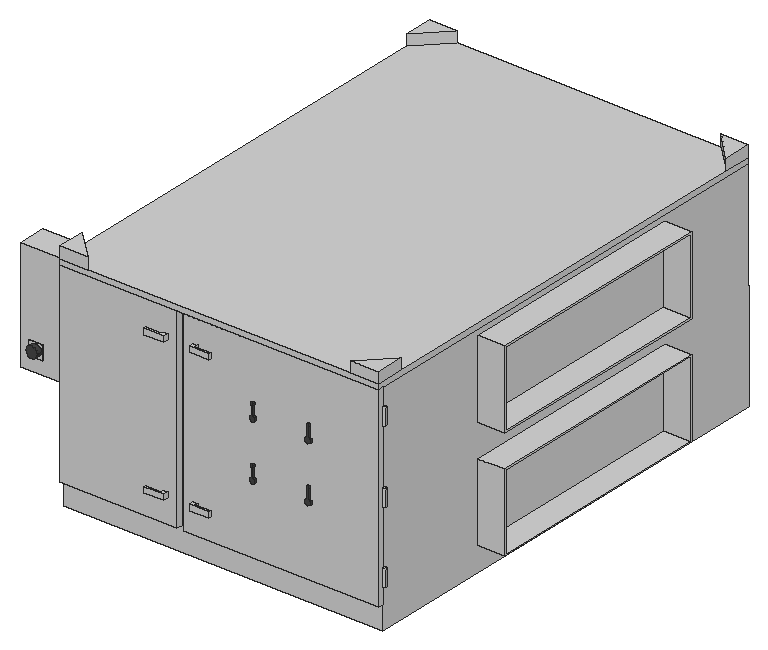
Revit family "HE4XINH_BYPASS_FEB23", category Mechanical Equipment, Revit 2019
Family settings
  Round Connector Dimension = Use Diameter
  Part Type = Normal
  OmniClass Number = 23.75.00.00
  OmniClass Title = Climate Control (HVAC)
  Work Plane-Based = No
  Always vertical = Yes
  Cut with Voids When Loaded = No
  Shared = No
  Room Calculation Point = No
Parameters (values of type "2.0 HP 120V Single Phase")
  Voltage = "120"
  Ventilation Type = "Static Plate, Heat and Humidity Transfer"
  Unit Width = "82-3/4\""
  Unit Weight = "809-1092 lbs."
  Unit Length = "72-3/4\""
  Unit Height = "44\""
  Unit = Metal - RenewAire - Anodized - Gray Text
  URL = "www.renewaire.com"
  Typical Airflow Range = "1,000 - 4,400 CFM"
  Standard Features = "TEFC Premium efficiency motors, Motor starters, Non-Fused Disconnect, 24VAC Transformer/Relay Package"
  Shipping Weight = "1,228 lbs."
  Service Area Visibility = no
  Service Area Box = Interference - RenewAire - Smooth - Light - Gold
  Revit Object Download Link = ""
  Phase = "Single"
  Options = "Integrated programmable controls, Fused disconnect, Double wall construction, Factory supplied and mounted variable frequency drives (VFDs) – one or both airstreams, Class 1 low leakage motorized isolation dampers – OA, RA or both airstreams, Qty. 2 Factory mounted filter alarms, Exterior Paint - white, custom colors, Bypass economizer (see bypass DIM drawing) – dry bulb temperature controls (standard), enthalpy controls (option)"
  Number Motors = "Qty. 2, Belt drive blower/standard motor packages with adjustable sheaves"
  Model = "HE 4XINH"
  Minimum Circuit Amps = "45.0 A"
  Maximum Overcurrent Protection = "60 A"
  Max. Shipping Width = "90\""
  Max. Shipping Length = "80\""
  Max. Shipping Height = "50\""
  Manufacturer = "RenewAire LLC"
  Frequency = "60 HZ"
  FLA per Motor = "20.0"
  Description = "Energy Recovery Ventilator"
  Connector Base Material = Glass - With - Transparency
  Accessories = "Filters - MERV 13, 2\" (shipped loose), Digital time clock - wall mount(TC7D-W), in exterior enclosure (TC7D-E), Motion occupancy control - ceiling mount(MC-C), wall mount(MC-W), Carbon dioxide control - wall mount (CO2-W), duct mount(CO2-D), Electric duct heater – EK series (1-60 kW), EH series (61-175kW), Indirect gas-fired duct furnace - GH Series (50-400 MBH), installed downstream of any fans"
  AHRI 1060 Certified Core = "Four L125-G5"
Types (13): name | Voltage | Phase | Minimum Circuit Amps | Maximum Overcurrent Protection | FLA per Motor
  (no name) | "120" | "Single" | "45.0 A" | "60 A" | "20.0"
  2.0 HP 120V Single Phase | "120" | "Single" | "45.0 A" | "60 A" | "20.0"
  2.0 HP 208-230V Single Phase | "208-230V" | "Single" | "24.3 A" | "35 A" | "10.8-10.0"
  2.0 HP 208-230V Three Phase | "208-230V" | "Three" | "14.9 A" | "20 A" | "6.6-5.8"
  2.0 HP 460V Three Phase | "460V" | "Three" | "6.5 A" | "15 A" | "2.9"
  2.0 HP 575V Three Phase | "575V" | "Three" | "5.4 A" | "15 A" | "2.4"
  3.0 HP 208-230V Single Phase | "208-230V" | "Single" | "33.1 A" | "40 A" | "14.7-14.0"
  3.0 HP 208-230V Three Phase | "208-230V" | "Three" | "21.1 A" | "25 A" | "9.4-8.5"
  3.0 HP 460V Three Phase | "460V" | "Three" | "9.5 A" | "15 A" | "4.2"
  3.0 HP 575V Three Phase | "575V" | "Three" | "7.4 A" | "15 A" | "3.3"
  5.0 HP 208-230V Three Phase | "208-230V" | "Three" | "32.6 A" | "45 A" | "14.5-13.4"
  5.0 HP 460V Three Phase | "460V" | "Three" | "15.1 A" | "20 A" | "6.7"
  5.0 HP 575V Three Phase | "575V" | "Three" | "11.9 A" | "15 A" | "5.3"
Reference planes (in)
  plane 1 "Center (Front/Back)": y = 0
  plane 2: z = 0
  plane 3 "Center (Left/Right)": x = 0
Forms (in)
  Extrusion 1, solid, material "Metal - RenewAire - Anodized - Gray Text" <- "Unit"
    sketch origin (0, 0, 0) x (1, 0, 0) y (0, 0, 1)
      loop
        line (-28.6875, 0) -> (28.6875, 0) -> (28.6875, 39.25) -> (-28.6875, 39.25) -> (-28.6875, 0)
    from 40.5625 to -41.5625
  Extrusion 2, solid, material "Metal - RenewAire - Anodized - Gray Text"
    sketch origin (0, 0, 0) x (1, 0, 0) y (0, 0, 1)
      loop
        line (-28.6875, 39.25) -> (28.6875, 39.25) -> (28.6875, 40.25) -> (-28.6875, 40.25) -> (-28.6875, 39.25)
    from 41.5625 to -41.5625
  Extrusion 3, solid, material "Metal - RenewAire - Anodized - Gray Text"
    sketch origin (0, 0, 0) x (1, 0, 0) y (0, 0, 1)
      loop
        line (-6.4375, 39.25) -> (-6.4375, 4.25) -> (28.6875, 4.25) -> (28.6875, 39.25) -> (-6.4375, 39.25)
      loop
        line (-28.6875, 39.25) -> (-28.6875, 4.25) -> (-7.5625, 4.25) -> (-7.5625, 39.25) -> (-28.6875, 39.25)
    from 41.5625 to 40.5625
  Extrusion 4, solid, material "Metal - RenewAire - Anodized - Gray Text"
    sketch origin (0, -10.4375, 0) x (1, 0, 0) y (0, 1, 0)
      loop
        circle (-28.9375, -30.125) r 0.25
      loop
        circle (28.9375, -30.125) r 0.25
    from 10.25 to 7.25
  Extrusion 5, solid, material "Metal - RenewAire - Anodized - Gray Text"
    sketch origin (0, -10.4375, 0) x (1, 0, 0) y (0, 1, 0)
      loop
        circle (-28.9375, -30.125) r 0.25
      loop
        circle (28.9375, -30.125) r 0.25
    from 36.25 to 33.25
  Extrusion 6, solid, material "Metal - RenewAire - Anodized - Gray Text"
    sketch origin (0, -10.4375, 0) x (1, 0, 0) y (0, 1, 0)
      loop
        circle (-28.9375, -30.125) r 0.25
      loop
        circle (28.9375, -30.125) r 0.25
    from 23.125 to 20.125
  Extrusion 7, solid, material "Metal - RenewAire - Anodized - Gray Text"
    sketch origin (0, -10.4375, 0) x (1, 0, 0) y (0, 1, 0)
      loop
        line (-4.6875, -31.125) -> (-4.6875, -32) -> (-1.1875, -32) -> (-1.1875, -31.625) -> (-3.9375, -31.625) -> (-3.9375, -31.125) -> (-4.6875, -31.125)
      loop
        line (-9.3125, -31.125) -> (-10.0625, -31.125) -> (-10.0625, -31.625) -> (-12.8125, -31.625) -> (-12.8125, -32) -> (-9.3125, -32) -> (-9.3125, -31.125)
    from 9.5 to 8.5
  Extrusion 8, solid, material "Metal - RenewAire - Anodized - Gray Text"
    sketch origin (0, -10.4375, 0) x (1, 0, 0) y (0, 1, 0)
      loop
        line (-4.6875, -31.125) -> (-4.6875, -32) -> (-1.1875, -32) -> (-1.1875, -31.625) -> (-3.9375, -31.625) -> (-3.9375, -31.125) -> (-4.6875, -31.125)
      loop
        line (-9.3125, -31.125) -> (-10.0625, -31.125) -> (-10.0625, -31.625) -> (-12.8125, -31.625) -> (-12.8125, -32) -> (-9.3125, -32) -> (-9.3125, -31.125)
    from 35 to 34
  Extrusion 9, solid, material "Metal - RenewAire - Anodized - Gray Text"
    sketch origin (0, 0, 0) x (1, 0, 0) y (0, 0, 1)
      loop
        line (-28.6875, 37.5) -> (-39, 37.5) -> (-39, 17.5) -> (-28.6875, 17.5) -> (-28.6875, 37.5)
    from 37.5625 to 32.5625
  Extrusion 10, solid, material "Metal - RenewAire - Anodized - Gray Text"
    sketch origin (0, 0, 0) x (1, 0, 0) y (0, 0, 1)
      loop
        line (-37.375, 22.5) -> (-37.375, 20) -> (-34.875, 20) -> (-34.875, 22.5) -> (-37.375, 22.5)
    from 37.6875 to 37.5625
  Extrusion 11, solid, material "MonitorPorts"
    sketch origin (0, 0, 0) x (1, 0, 0) y (0, 0, 1)
      loop
        circle (-36.125, 21.25) r 1
    from 38.5625 to 37.5625
  Extrusion 12, solid, material "Metal - RenewAire - Anodized - Gray Text" <- "Unit"
    sketch origin (0, 0, 0) x (0, 1, 0) y (0, 0, 1)
      loop
        line (22.5625, 18.5) -> (-19.4375, 18.5) -> (-19.4375, 4.5) -> (22.5625, 4.5) -> (22.5625, 18.5)
      loop
        line (22.4375, 18.375) -> (-19.3125, 18.375) -> (-19.3125, 4.625) -> (22.4375, 4.625) -> (22.4375, 18.375)
    from 33.6875 to 28.6875
  Extrusion 13, solid, material "Metal - RenewAire - Anodized - Gray Text"
    sketch origin (0, 0, 0) x (0, 1, 0) y (0, 0, 1)
      loop
        line (22.5625, 38.375) -> (-19.4375, 38.375) -> (-19.4375, 24.375) -> (22.5625, 24.375) -> (22.5625, 38.375)
      loop
        line (22.3125, 38.125) -> (-19.1875, 38.125) -> (-19.1875, 24.625) -> (22.3125, 24.625) -> (22.3125, 38.125)
    from 33.6875 to 28.6875
  Extrusion 14, solid, material "Metal - RenewAire - Anodized - Gray Text"
    sketch origin (0, 3, 0) x (0, 1, 0) y (0, 0, 1)
      loop
        line (-29.8125, 3.75) -> (4.1875, 3.75) -> (4.1875, 15.75) -> (-29.8125, 15.75) -> (-29.8125, 3.75)
      loop
        line (4.0625, 15.625) -> (-29.6875, 15.625) -> (-29.6875, 3.875) -> (4.0625, 3.875) -> (4.0625, 15.625)
    from -28.6875 to -32.9375
  Extrusion 15, solid, material "Metal - RenewAire - Anodized - Gray Text"
    sketch origin (0, 3, 0) x (0, 1, 0) y (0, 0, 1)
      loop
        line (4.1875, 32.625) -> (-29.8125, 32.625) -> (-29.8125, 20.625) -> (4.1875, 20.625) -> (4.1875, 32.625)
      loop
        line (4.0625, 32.5) -> (-29.6875, 32.5) -> (-29.6875, 20.75) -> (4.0625, 20.75) -> (4.0625, 32.5)
    from -28.6875 to -32.9375
  Extrusion 16, solid, material "Interference - RenewAire - Smooth - Light - Gold" <- "Service Area Box", visible <- "Service Area Visibility"
    sketch origin (0, 0, 0) x (1, 0, 0) y (0, 0, 1)
      loop
        line (28.6875, 40.25) -> (-39, 40.25) -> (-39, 0) -> (28.6875, 0) -> (28.6875, 40.25)
    from 80.4375 to 41.5625
  Extrusion 17, solid, material "Metal - RenewAire - Anodized - Gray Text" <- "Unit"
    sketch origin (0, 0, 0) x (1, 0, 0) y (0, 1, 0)
      loop
        line (-28.6875, 41.5625) -> (-28.6875, 36.5625) -> (-23.6875, 41.5625) -> (-28.6875, 41.5625)
      loop
        line (-28.6875, -41.5625) -> (-23.6875, -41.5625) -> (-28.6875, -36.5625) -> (-28.6875, -41.5625)
      loop
        line (28.6875, -41.5625) -> (28.6875, -36.5625) -> (23.6875, -41.5625) -> (28.6875, -41.5625)
      loop
        line (28.6875, 41.5625) -> (23.6875, 41.5625) -> (28.6875, 36.5625) -> (28.6875, 41.5625)
    from 42.25 to 40.25
  Extrusion 18, void
    sketch origin (0, 0, 0) x (1, 0, 0) y (0, 1, 0)
      loop
        line (-28.1875, 41.0625) -> (-28.1875, -40.0625) -> (28.1875, -40.0625) -> (28.1875, 41.0625) -> (-28.1875, 41.0625)
    from 4.625 to -1.34492
Cuts and joins
  Extrusion 18 cuts Extrusion 1
  Extrusion 18 cuts Extrusion 9
  Extrusion 18 cuts Extrusion 15
Dimensions and locks (in)
  Extrusion 2 to Extrusion 3 sketch curve to Extrusion 3 sketch curve = 1' - 9 1/8", 3' - 0 1/4"
  aligned and locked: level to plane 2
Nested families (in)
  nested 1: "Monitoring Port" at (16.125, -41.5625, 19.472) x (-1, 0, 0) z (0, 0, -1), type "Monitoring Port"
  nested 2: "Monitoring Port" at (6.125, -41.5625, 19.472) x (-1, 0, 0) z (0, 0, -1), type "Monitoring Port"
  nested 3: "Monitoring Port" at (16.125, -41.5625, 29.472) x (-1, 0, 0) z (0, 0, -1), type "Monitoring Port"
  nested 4: "Monitoring Port" at (6.125, -41.5625, 29.472) x (-1, 0, 0) z (0, 0, -1), type "Monitoring Port"
Connectors (in)
  hvac at (28.6875, 1.5625, 31.375)
    settings: on Extrusion 13, index 1, duct flow 0 CFM, flow factor 0, pres drop 0.00 in-wg, loss coef 0, conn angle 0.00°, conn width 42", conn height 14", conn diameter 24", duct sys type 4, conn prof type 1, flow config 0, flow direction 1, loss method 0, conn ref index -1, conn util no, is conn primary yes, conn desc "OA (Outside Air)"
  hvac at (28.6875, 1.5625, 11.5)
    settings: on Extrusion 12, index 2, duct flow 0 CFM, flow factor 0, pres drop 0.00 in-wg, loss coef 0, conn angle 0.00°, conn width 42", conn height 14", conn diameter 24", duct sys type 2, conn prof type 1, flow config 0, flow direction 1, loss method 0, conn ref index -1, conn util no, is conn primary no, conn desc "RA (Room Air)"
  hvac at (-28.6875, -9.8125, 26.625)
    settings: on Extrusion 15, index 4, duct flow 0 CFM, flow factor 0, pres drop 0.00 in-wg, loss coef 0, conn angle 0.00°, conn width 34", conn height 12", conn diameter 24", duct sys type 3, conn prof type 1, flow config 0, flow direction 2, loss method 0, conn ref index -1, conn util no, is conn primary no, conn desc "EA (Exhaust Air)"
  hvac at (-28.6875, -9.8125, 9.75)
    settings: on Extrusion 14, index 5, duct flow 0 CFM, flow factor 0, pres drop 0.00 in-wg, loss coef 0, conn angle 0.00°, conn width 34", conn height 12", conn diameter 24", duct sys type 1, conn prof type 1, flow config 0, flow direction 2, loss method 0, conn ref index -1, conn util no, is conn primary no, conn desc "FA (Fresh Air)"
Definition of nested family "Monitoring Port"
  Parameters
    URL = "www.renewaire.com"
    Revit Object Download Link = ""
    Model = ""
    Manufacturer = "RenewAire LLC"
    Description = "Monitoring Ports"
  Reference planes (in)
    plane 1 "Center (Front/Back)": y = 0
    plane 2: z = 0
    plane 3 "Center (Left/Right)": x = 0
  Forms (in)
    Extrusion 1, solid
      sketch origin (-9.43348, 0, 37.76669) x (-1, 0, 0) y (0, 0, -1)
        loop
          line (-9.53348, 35.65895) -> (-9.94097, 35.42369) -> (-9.94097, 34.83769) -> (-9.43348, 34.54469) -> (-8.92599, 34.83769) -> (-8.92599, 35.42369) -> (-9.33348, 35.65895) -> (-9.33348, 37.28756)
          arc (-9.33348, 37.28756) -> (-9.43348, 37.76669) -> (-9.53348, 37.28756) r 0.25
          line (-9.53348, 37.28756) -> (-9.53348, 35.65895)
      from 0 to 0.25
  Dimensions and locks (in)
    aligned and locked: level to plane 2
